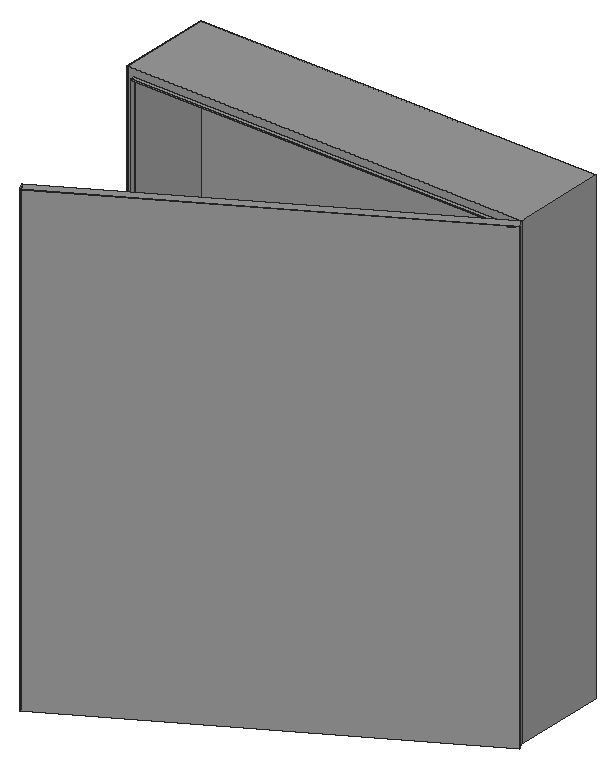
Revit family "Hager-Univers-IP44-D205-H950-Cl.II-Encl-NoHosted-PL-pl", category Electrical Equipment, Revit 2020
Family settings
  Panel Configuration = Two Columns, Circuits Across
  Round Connector Dimension = Use Diameter
  Part Type = Panelboard
  Work Plane-Based = Yes
  Always vertical = Yes
  Cut with Voids When Loaded = No
  Shared = No
  Room Calculation Point = No
Parameters (values of type "Montaż natynkowy IP44 S800 W950 G205  - FP63SN2")
  Width Control [instance] = if([EF000008 - Szerokość] > Min Width, [EF000008 - Szerokość], Min Width)  # 800 mm
  Type Comments = [HG000003 - Zakres]  # "Univers"
  Thickness Door [instance] = if([EF009171 - Drzwi/pokrywa z materiału o wysokiej wytrzymałości mechanicznej] > 3 mm, 3 mm, [EF009171 - Drzwi/pokrywa z materiału o wysokiej wytrzymałości mechanicznej])  # 1 mm
  Seal Frame Offset [instance] = 17 mm  # constant formula
  Plinth Visibility [instance] = [HG000027 - Wysokość cokołu] > 0 mm  # no
  Min Width [instance] = 100 mm  # constant formula
  Min Depth [instance] = (2 * [EF009170 - Obudowa z materiału o wysokiej wytrzymałości mechanicznej]) + 1 mm  # 3 mm
  Min Height [instance] = 100 mm  # constant formula
  Internal Frame Depth [instance] = (Door System Depth * 0.5)  # 9 mm
  Panel Name [instance] = ""  # (empty or 0)
  Model = ""
  HG000027 - Wysokość cokołu = 0 mm
  HG000026 - Stojąca = no
  HG000024 - Wysokość części dolnej = 600 mm
  HG000023 - Obudowa dwusekcyjna = no
  HG000016 - Widoczność drzwi w widoku 3D [instance] = yes
  HG000015 - Przestrzeń robocza - otwarcie drzwi [instance] = no
  HG000014 - Drzwi prawe [instance] = yes
  HG000013 - Drzwi lewe [instance] = not([HG000014 - Drzwi prawe])  # no
  HG000012 - Kąt otwarcia drzwi [instance] = 30.00°
  HG000010 - Drzwi asymetryczne = no
  HG000009 - Drzwi dwuskrzydłowe = no
  HG000006 - Montaż podtynkowy = no
  HG000004 - Referencja producenta = "FP63SN2"
  HG000003 - Zakres = "Univers"
  HG000002 - Z drzwiami lub pokrywą = yes
  Frame Offset Bottom [instance] = 10 mm  # constant formula
  Frame Offset [instance] = 15 mm  # constant formula
  EF015940 - Pokrywa z wyzwalaczem nadciśnieniowym = no
  EF011959 - Stopień ochrony (NEMA) = ""
  EF009554 - Liczba otworów pod flansze = 6
  EF009212 - Wykonanie pokrywy = "EV000116 - Zamknięty"
  EF009171 - Drzwi/pokrywa z materiału o wysokiej wytrzymałości mechanicznej = 1 mm
  EF009170 - Obudowa z materiału o wysokiej wytrzymałości mechanicznej = 1 mm
  EF008873 - Prąd znamionowy (In) = 250 A
  EF007800 - Do ochrony odgromowej = no
  EF006306 - Z zamkiem = no
  EF006244 - Transparentna pokrywa/drzwi = no
  EF005474 - Stopień ochrony (IP) = "EV006418 - IP44"
  EF004464 - Rodzaj drzwi = "EV002646 - Pojedynczy"
  EF004427 - Liczba modułów = 216
  EF004293 - Odporność udarowa = "EV006815 - IK09"
  EF003532 - Do zastosowań zewnętrznych = no
  EF002950 - Szerokość wyrażona liczbą modułów = 36
  EF001613 - Podtrzymanie funkcji = "EV000494 - Brak"
  EF001596 - Materiał obudowy = "EV000179 - Stal"
  EF001131 - Głębokość wewnętrzna = 130 mm
  EF001088 - Możliwość rozbudowy = yes
  EF000437 - Liczba wejść kablowych = 6
  EF000339 - Rodzaj pokrywy = "EV004216 - Drzwi"
  EF000266 - Liczba rzędów = 6
  EF000218 - Głębokość wbudowania = 205 mm
  EF000118 - Z płytą montażową = no
  EF000116 - Numer RAL = "9010"
  EF000049 - Głębokość = 205 mm
  EF000040 - Wysokość = 950 mm
  EF000008 - Szerokość = 800 mm
  EF000007 - Kolor = "EV000202 - Biały"
  EF000003 - Sposób montażu = "EV000384 - Montaż natynkowy"
  Door System Leaf Tolerance [instance] = 1.5 mm  # constant formula
  Door System Depth [instance] = 18 mm  # constant formula
  Door Height [instance] = Height Control - [HG000027 - Wysokość cokołu]  # 950 mm
  Description = ""
  Default Elevation = 1219.2 mm
  Connector Offset [instance] = Height Control / 2  # 475 mm
  Manufacturer = "Hager"  # constant formula
  Height Control [instance] = if([EF000040 - Wysokość] > Min Height, [EF000040 - Wysokość], Min Height)  # 950 mm
  Depth Control [instance] = if([EF000049 - Głębokość] > Min Depth, [EF000049 - Głębokość], Min Depth)  # 205 mm
  Bottom Top Plate Trim [instance] = 1.5 mm  # constant formula
  Plinth height Ctrl [instance] = if([HG000027 - Wysokość cokołu] > 0 mm, [HG000027 - Wysokość cokołu], 12 mm)  # 12 mm
Types (5, lengths in mm): name | Width Control | HG000010 - Drzwi asymetryczne | HG000009 - Drzwi dwuskrzydłowe | HG000004 - Referencja producenta | EF009554 - Liczba otworów pod flansze | EF004464 - Rodzaj drzwi | EF004427 - Liczba modułów | EF002950 - Szerokość wyrażona liczbą modułów | EF001131 - Głębokość wewnętrzna | EF000437 - Liczba wejść kablowych | EF000339 - Rodzaj pokrywy | EF000008 - Szerokość
  Montaż natynkowy IP44 S1050 W950 G205  - FP64SN2 | 1050 | no | yes | "FP64SN2" | 8 | "EV003602 - Podwójny" | 288 | 48 | 130 | 8 | "EV004216 - Drzwi" | 1050
  Montaż natynkowy IP44 S1300 W950 G205  - FP65SN2 | 1300 | yes | yes | "FP65SN2" | 10 | "EV003602 - Podwójny" | 360 | 60 | 130 | 10 | "EV004216 - Drzwi" | 1300
  Montaż natynkowy IP44 S300 W950 G205  - FP61SN2 | 300 | no | no | "FP61SN2" | 2 | "EV002646 - Pojedynczy" | 72 | 12 | 143 | 2 | "EV001012 - Pokrywa" | 300
  Montaż natynkowy IP44 S550 W950 G205  - FP62SN2 | 550 | no | no | "FP62SN2" | 4 | "EV002646 - Pojedynczy" | 144 | 24 | 143 | 4 | "EV001012 - Pokrywa" | 550
  Montaż natynkowy IP44 S800 W950 G205  - FP63SN2 | 800 | no | no | "FP63SN2" | 6 | "EV002646 - Pojedynczy" | 216 | 36 | 130 | 6 | "EV004216 - Drzwi" | 800
Reference planes
  plane 1 "Center (Front/Back)": y = 0
  plane 2: z = 0
  plane 3 "Center (Left/Right)": x = 0
  plane 4: y = 0
  plane 5: y = 0
  plane 6: z = 0
  plane 7: x = -400
  plane 8: x = 400
  plane 9: x = 399
  plane 10: x = -399
  plane 11: z = 0
  plane 12: z = 1
  plane 13: y = -205
  plane 14: y = -1
  plane 15: x = 0
  plane 16: y = -187
  plane 17: y = -204
  plane 18: y = -186
  plane 19: x = -384
  plane 20: x = 384
  plane 21: z = 11
  plane 22: x = -383
  plane 23: x = 383
  plane 24: z = 0
  plane 25: z = 950
  plane 26: z = 950
  plane 27: z = 934
  plane 28: z = 949
Forms (mm)
  Extrusion 1, solid, material "Hager_Steel_RAL7035_Light_Grey", detail levels medium+fine
    sketch origin (-208.679, -4572, 0) x (-1, 0, 0) y (0, -1, 0)
      loop
        line (191.321, -4385) -> (-608.679, -4385) -> (-608.679, -4572) -> (191.321, -4572) -> (191.321, -4385)
    from 0 to 950
  Extrusion 2, void
    sketch origin (-350.771, -205, 1219.2) x (1, 0, 0) y (0, 0, 1)
      loop
        line (-48.229, -270.2) -> (-48.229, -1218.2) -> (749.771, -1218.2) -> (749.771, -270.2) -> (-48.229, -270.2)
    from -19 to -204
  Extrusion 3, void
    sketch origin (-290.084, -187, 1219.2) x (1, 0, 0) y (0, 0, 1)
      loop
        line (-93.916, -1208.2) -> (674.084, -1208.2) -> (674.084, -285.2) -> (-93.916, -285.2) -> (-93.916, -1208.2)
    from 0 to -1
  Extrusion 4, solid, material "Hager_Steel_RAL7035_Light_Grey", visible <- "Plinth Visibility", detail levels medium+fine
    sketch origin (0, 0, 0) x (1, 0, 0) y (0, 1, 0)
      loop
        line (-400, 0) -> (-400, -187) -> (400, -187) -> (400, 0) -> (-400, 0)
    from 0 to 12 <- "Plinth height Ctrl"
  Extrusion 5, solid, material "Hager_Steel_RAL7035_Light_Grey", detail levels coarse
    sketch origin (0, 0, 0) x (1, 0, 0) y (0, 1, 0)
      loop
        line (-400, 0) -> (-400, -205) -> (400, -205) -> (400, 0) -> (-400, 0)
    from 0 to 950 <- "Height Control"
  Sweep 6, void
    path in 3D
      loop
        line (-400, -187, 12) -> (400, -187, 12) -> (400, 0, 12) -> (-400, 0, 12) -> (-400, -187, 12)
    profile origin (-400, -93.5, 12) x (1, 0, 0) y (0, 0, 1)
      loop
        line (0, 0) -> (0, -1.5) -> (1.5, -1.5)
        arc (1.5, -1.5) -> (1.061, -0.439) -> (0, 0) r 1.5
  Extrusion 7, solid, material "Hager_Steel_RAL7035_Light_Grey", detail levels fine
    sketch origin (-400, -187, 0) x (1, 0, 0) y (0, 0, 1)
      loop
        line (16, 11) -> (784, 11) -> (784, 934) -> (16, 934) -> (16, 11)
      loop
        line (15, 10) -> (785, 10) -> (785, 935) -> (15, 935) -> (15, 10)
    from 0 to 9 <- "Internal Frame Depth"
Cuts and joins
  Extrusion 2, Extrusion 3 cuts Extrusion 1
  Sweep 6 cuts Extrusion 4
Lines and regions (mm)
  Masking region 1
    outline origin (0, 0, 0) x (1, 0, 0) y (0, 1, 0)
      loop
        line (-400, 0) -> (-400, -205) -> (400, -205) -> (400, 0) -> (-400, 0)
  Masking region 2, detail levels coarse
    outline origin (-290.084, -187, 1219.2) x (-1, 0, 0) y (0, 0, 1)
      loop
        line (-690.084, -1219.2) -> (109.916, -1219.2) -> (109.916, -269.2) -> (-690.084, -269.2) -> (-690.084, -1219.2)
  Masking region 3, detail levels coarse
    outline origin (0, 0, 0) x (0, 1, 0) y (0, 0, 1)
      loop
        line (0, 0) -> (0, 950) -> (-205, 950) -> (-205, 0) -> (0, 0)
  Masking region 4, visible <- "Plinth Visibility", detail levels medium+fine
    outline origin (0, 0, 0) x (0, 1, 0) y (0, 0, 1)
      loop
        line (-1.5, 12) -> (-185.5, 12)
        arc (-185.5, 12) -> (-185.939, 10.939) -> (-187, 10.5) r 1.5
        line (-187, 10.5) -> (-187, 0) -> (0, 0) -> (0, 10.5)
        arc (0, 10.5) -> (-1.061, 10.939) -> (-1.5, 12) r 1.5
  Masking region 5, detail levels medium+fine
    outline origin (0, 0, 594.038) x (0, 1, 0) y (0, 0, 1)
      loop
        line (0, -594.038) -> (0, 355.962) -> (-187, 355.962) -> (-187, -594.038) -> (0, -594.038)
  Masking region 6, detail levels medium+fine
    outline origin (-359.7, -187, 1211.883) x (-1, 0, 0) y (0, 0, 1)
      loop
        line (-759.7, -1211.883) -> (40.3, -1211.883) -> (40.3, -261.883) -> (-759.7, -261.883) -> (-759.7, -1211.883)
  Masking region 7, visible <- "Plinth Visibility", detail levels medium+fine
    outline origin (-320.334, -187, 1041.368) x (-1, 0, 0) y (0, 0, 1)
      loop
        line (-720.334, -1041.368) -> (79.666, -1041.368) -> (79.666, -1030.868)
        arc (79.666, -1030.868) -> (78.606, -1030.429) -> (78.166, -1029.368) r 1.5
        line (78.166, -1029.368) -> (-718.834, -1029.368)
        arc (-718.834, -1029.368) -> (-719.273, -1030.429) -> (-720.334, -1030.868) r 1.5
        line (-720.334, -1030.868) -> (-720.334, -1041.368)
  sketch lines
    curve 1: line (-400, 0, 12) -> (-400, -187, 12)
    curve 2: line (-400, -187, 12) -> (400, -187, 12)
    curve 3: line (400, 0, 12) -> (-400, 0, 12)
    curve 4: line (400, -187, 12) -> (400, 0, 12)
Dimensions and locks
  locked: plane 1 "Center (Front/Back)" to plane 5
  "EF009170 - Obudowa z materiału o wysokiej wytrzymałości mechanicznej": plane 7 to plane 10
  "EF009170 - Obudowa z materiału o wysokiej wytrzymałości mechanicznej": plane 8 to plane 9
  equal spacing: plane 7, plane 3 "Center (Left/Right)", plane 8
  "Width Control": plane 7 to plane 8
  "Depth Control": plane 4 to plane 13
  "EF009170 - Obudowa z materiału o wysokiej wytrzymałości mechanicznej": plane 4 to plane 14
  "Height Control": plane 25 to level
  "HG000027 - Wysokość cokołu": plane 11 to level
  "EF009170 - Obudowa z materiału o wysokiej wytrzymałości mechanicznej": plane 12 to plane 11
  "EF009170 - Obudowa z materiału o wysokiej wytrzymałości mechanicznej": plane 17 to plane 13
  "EF009170 - Obudowa z materiału o wysokiej wytrzymałości mechanicznej": plane 18 to plane 16
  "Frame Offset Bottom": plane 21 to plane 12
  "Frame Offset": plane 10 to plane 19
  "Frame Offset": plane 9 to plane 20
  "Door System Depth": plane 16 to plane 13
  "Seal Frame Offset": plane 7 to plane 22
  "Seal Frame Offset": plane 8 to plane 23
  "EF009170 - Obudowa z materiału o wysokiej wytrzymałości mechanicznej": plane 26 to plane 28
  "Frame Offset": plane 28 to plane 27
  "Connector Offset": plane 2 to connector elem
  "Bottom Top Plate Trim": profile plane to Sweep 6 sketch curve
  "Bottom Top Plate Trim": Sweep 6 sketch curve to Sweep 6 sketch curve
  "Plinth height Ctrl": Masking region 4 sketch curve to level
  "Plinth height Ctrl": Masking region 7 sketch curve to level
  "Thickness Door": Extrusion 7 sketch curve to Extrusion 7 sketch curve  (x4)
  "Bottom Top Plate Trim": radius of Sweep 6 sketch curve
  "Bottom Top Plate Trim": radius of Masking region 4 sketch curve  (x2)
  "Bottom Top Plate Trim": radius of Masking region 7 sketch curve  (x2)
  aligned and locked: Extrusion 2 sketch curve to plane 12
  aligned and locked: Extrusion 2 sketch curve to plane 9
  aligned and locked: Extrusion 2 sketch curve to plane 10
  aligned and locked: Extrusion 2 to plane 14
  aligned and locked: Extrusion 1 sketch curve to plane 4
  aligned and locked: plane 8 to Extrusion 1 sketch curve
  aligned and locked: plane 7 to Extrusion 1 sketch curve
  aligned and locked: Extrusion 2 to plane 18
  aligned and locked: Extrusion 3 sketch curve to plane 19
  aligned and locked: plane 20 to Extrusion 3 sketch curve
  aligned and locked: Extrusion 3 to Extrusion 2
  aligned and locked: Extrusion 3 sketch curve to plane 21
  aligned and locked: plane 3 "Center (Left/Right)" to nested 1
  aligned and locked: Extrusion 1 sketch curve to plane 16
  aligned and locked: Extrusion 4 sketch curve to cut or joined group of Extrusion 1, Extrusion 2, Extrusion 3
  aligned and locked: Masking region 1 sketch curve to plane 7
  aligned and locked: Masking region 1 sketch curve to plane 5
  aligned and locked: Masking region 1 sketch curve to plane 8
  aligned and locked: Masking region 2 sketch curve to level
  aligned and locked: level to Masking region 3 sketch curve
  aligned and locked: plane 1 "Center (Front/Back)" to Masking region 3 sketch curve
  aligned and locked: plane 13 to Masking region 3 sketch curve
  aligned and locked: plane 5 to Masking region 4 sketch curve
  aligned and locked: Masking region 2 sketch curve to plane 8
  aligned and locked: Masking region 2 sketch curve to plane 7
  aligned and locked: plane 7 to nested 2
  aligned and locked: nested 2 to plane 5
  aligned and locked: plane 5 to Masking region 5 sketch curve
  aligned and locked: plane 26 to Masking region 5 sketch curve
  aligned and locked: Extrusion 5 sketch curve to plane 8
  aligned and locked: Extrusion 5 sketch curve to plane 7
  aligned and locked: Extrusion 5 sketch curve to plane 5
  aligned and locked: Extrusion 3 sketch curve to plane 27
  aligned and locked: Extrusion 2 sketch curve to plane 28
  aligned and locked: Masking region 2 to plane 25
  aligned and locked: Extrusion 4 to plane 16
  aligned and locked: profile plane to Sweep 6 sketch curve
  aligned and locked: Masking region 5 sketch curve to plane 24
  aligned and locked: level to Masking region 4 sketch curve
  aligned and locked: Masking region 1 to plane 13
  aligned and locked: nested 1 to plane 16
  aligned and locked: Masking region 3 to plane 25
  aligned and locked: plane 16 to Masking region 4 sketch curve
  aligned and locked: Masking region 5 sketch curve to plane 16
  aligned and locked: plane 24 to plane 11
  aligned and locked: plane 26 to plane 25
  aligned and locked: plane 26 to cut or joined group of Extrusion 1, Extrusion 2, Extrusion 3
  aligned and locked: nested 1 to plane 24
  aligned and locked: Extrusion 1 to Extrusion 3
  aligned and locked: Masking region 6 sketch curve to plane 8
  aligned and locked: Masking region 6 sketch curve to plane 24
  aligned and locked: Masking region 6 sketch curve to plane 7
  aligned and locked: Masking region 6 sketch curve to plane 26
  aligned and locked: Masking region 7 sketch curve to plane 7
  aligned and locked: level to Masking region 7 sketch curve
  aligned and locked: Masking region 7 sketch curve to plane 8
  aligned and locked: Extrusion 7 sketch curve to cut or joined group of Extrusion 1, Extrusion 2, Extrusion 3  (x4)
Automatic sketch dimensions
  plane 19 to Extrusion 3 sketch curve = 0 mm
  Extrusion 3 sketch curve to plane 20 = 0 mm
  Extrusion 3 sketch curve to plane 21 = 0 mm
  Extrusion 4 sketch curve to plane 7 = 0 mm
  Extrusion 4 sketch curve to plane 8 = 0 mm
  Extrusion 4 sketch curve to plane 16 = 0 mm
  Masking region 1 sketch curve to plane 13 = 0 mm
  Masking region 2 sketch curve to plane 25 = 0 mm
  Masking region 3 sketch curve to plane 25 = 0 mm
  Extrusion 5 sketch curve to plane 13 = 0 mm
  profile plane to Sweep 6 sketch curve = 0 mm
Nested families
  nested 1: "EC000058_Univers_Door" at (0, -187, 0), Double <- "HG000009 - Drzwi dwuskrzydłowe", Transparent <- "EF006244 - Transparentna pokrywa/drzwi", Angle <- "HG000012 - Kąt otwarcia drzwi", Door_Right <- "HG000014 - Drzwi prawe", Assymetrical <- "HG000010 - Drzwi asymetryczne", Door <- "HG000002 - Z drzwiami lub pokrywą", Width_Ctrl <- "Width Control", 3d_Door <- "HG000016 - Widoczność drzwi w widoku 3D", Clearance <- "HG000015 - Przestrzeń robocza - otwarcie drzwi", Door_Left <- "HG000013 - Drzwi lewe", Width <- "Width Control", Door_Depth <- "Door System Depth", Leaf_Tolerance <- "Door System Leaf Tolerance", Height <- "Door Height", Lock_Visibility <- "EF006306 - Z zamkiem", Thickness <- "Thickness Door", type "EC000058_Univers_Door", detail levels medium+fine
    with min_wh 3 mm, Width_Ctrl 800 mm, Width 800 mm, Transparent no, Thickness 1 mm, Seal_Material Hager_Rubber, Lock_Visibility no, Lock_Material Hager_Plastic_RAL9005_Jet_Black, Leaf_Width 800 mm, Leaf_Tolerance_External_Sides 0 mm, Leaf_Tolerance 1.5 mm, Leaf_Offset 0 mm, Leaf_Height 947 mm, Leaf_2_Width 800 mm, Leaf_2_Offset 400 mm, Leaf_1_Width 800 mm, Leaf_1_Offset 400 mm, Height_Ctrl 950 mm, Height 950 mm, Glass_Material Hager_Glass, Double_Clearance_Ctrl no, Double no, Door_Right_Ctrl yes, Door_Right yes, Door_Material Hager_Steel_RAL7035_Light_Grey, Door_Left_Ctrl no, Door_Left no, Door_Depth 18 mm, Door yes, Clearance_Material Hager_Clearance, Clearance_Depth 800 mm, Clearance_Ctrl no, Clearance no, Assymetrical no, Angle 30.00°, 3d_Door yes
  nested 2: "Hager_Enclosure_Symbol" at (-400, 0, 0), Height <- "Depth Control", Width <- "Width Control", type "Hager_Enclosure_Symbol"
    with Width_Ctrl 800 mm, Width 800 mm, Height_Ctrl 205 mm, Height 205 mm, A_Width_Int 13.453 mm, A_Width 161.438 mm, A_Height_Ctrl 179.375 mm, A_Height 179.375 mm
Connectors
  electrical at (0, 0, 475)
    settings: on plane 1 "Center (Front/Back)", index 1, voltage 0 V, apparent load 0 VA, apparent load phase1 0 VA, apparent load phase2 0 VA, apparent load phase3 0 VA, power factor 1, load classification "Other", number of poles 1, system type 30, power factor state 1, is connector primary yes, connector utility no, sub classification motor no, connector description ""
Definition of nested family "EC000058_Univers_Door"
  Parameters (values of type "EC000058_Univers_Door")
    min_wh [instance] = (2 * Thickness) + 1 mm  # 11 mm
    Width_Ctrl [instance] = 400 mm
    Width [instance] = 500 mm
    Transparent [instance] = yes
    Thickness [instance] = 5 mm
    Seal_Material [instance] = none
    Lock_Visibility [instance] = yes
    Lock_Material [instance] = none
    Leaf_Width [instance] = if((Width_Ctrl - 2 * Leaf_Tolerance_External_Sides) > 0 mm, (Width_Ctrl - 2 * Leaf_Tolerance_External_Sides), min_wh)  # 400 mm
    Leaf_Tolerance_External_Sides [instance] = 0 mm  # constant formula
    Leaf_Tolerance [instance] = 1.5 mm
    Leaf_Offset [instance] = 0 mm  # constant formula
    Leaf_Height [instance] = if((Height_Ctrl - 2 * Leaf_Tolerance) > 0 mm, (Height_Ctrl - 2 * Leaf_Tolerance), min_wh)  # 497 mm
    Leaf_2_Width [instance] = if(and(and(Double, Assymetrical), Door_Left), (Leaf_Width / 3) - (Leaf_Tolerance / 2), if(and(and(Double, Assymetrical), Door_Right), (Leaf_Width / 3) * 2 - (Leaf_Tolerance / 2), if(and(Double, not(Assymetrical)), (Leaf_Width / 2) - Leaf_Tolerance, Leaf_Width)))  # 400 mm
    Leaf_2_Offset [instance] = if(and(Double, Assymetrical), Leaf_2_Width / 2, if(and(Double, not(Assymetrical)), Leaf_Width / 4, Leaf_Width / 2))  # 200 mm
    Leaf_1_Width [instance] = if(and(and(Double, Assymetrical), Door_Right), (Leaf_Width / 3) - (Leaf_Tolerance / 2), if(and(and(Double, Assymetrical), Door_Left), (Width / 3) * 2 - (Leaf_Tolerance / 2), if(and(Double, not(Assymetrical)), (Leaf_Width / 2) - Leaf_Tolerance, Leaf_Width)))  # 400 mm
    Leaf_1_Offset [instance] = if(and(Double, Assymetrical), Leaf_1_Width / 2, if(and(Double, not(Assymetrical)), Leaf_Width / 4, Leaf_Width / 2))  # 200 mm
    Height_Ctrl [instance] = if(Height > min_wh, Height, min_wh)  # 500 mm
    Height [instance] = 500 mm
    Glass_Material [instance] = none
    Double_Clearance_Ctrl [instance] = and(Double, Clearance)  # no
    Double [instance] = no
    Door_Right_Ctrl [instance] = and(or(Door_Right, Double), Door)  # yes
    Door_Right [instance] = yes
    Door_Material [instance] = none
    Door_Left_Ctrl [instance] = and(or(Door_Left, Double), Door)  # no
    Door_Left [instance] = no
    Door_Depth [instance] = 30 mm
    Door [instance] = yes
    Default Elevation = 1219.2 mm
    Clearance_Material [instance] = none
    Clearance_Depth [instance] = if(Leaf_1_Width > Leaf_2_Width, Leaf_1_Width, Leaf_2_Width)  # 400 mm
    Clearance_Ctrl [instance] = and(not(Double), Clearance)  # yes
    Clearance [instance] = yes
    Assymetrical [instance] = yes
    Angle [instance] = 30.00°
    3d_Door [instance] = yes
  Reference planes
    plane 1 "Center (Front/Back)": y = 0
    plane 2 "Bottom": z = 0
    plane 3 "Center (Left/Right)": x = 0
    plane 4: z = 500
    plane 5: x = -200
    plane 6: x = 200
    plane 7: z = 500
    plane 8: x = -200
    plane 9: z = 0
    plane 10: x = 200
    plane 11: y = 0
    plane 12: z = 1.5
    plane 13: x = -600
    plane 14: y = -400
    plane 15: x = 600
    plane 16: x = 0
    plane 17: x = 0
    plane 18: x = -200
    plane 19: x = 200
    plane 20: z = 498.5
  Forms (mm)
    Extrusion 1, solid, material <- "Clearance_Material", visible <- "Double_Clearance_Ctrl"
      sketch origin (1200, 0, 0) x (1, 0, 0) y (0, 0, -1)
        loop
          line (-1800, -498.5) -> (-600, -498.5) -> (-600, 0) -> (-1800, 0) -> (-1800, -498.5)
      from 0 to -400
  Dimensions and locks
    equal spacing: plane 5, plane 3 "Center (Left/Right)", plane 6
    "Width_Ctrl": plane 5 to plane 6
    "Leaf_Offset": plane 5 to plane 8
    "Leaf_Offset": plane 6 to plane 10
    "Leaf_Offset": plane 9 to level
    "Leaf_Offset": plane 4 to plane 7
    "Height_Ctrl": plane 4 to level
    "Leaf_Tolerance": plane 12 to plane 9
    locked: plane 11 to plane 1 "Center (Front/Back)"
    "Leaf_1_Offset": plane 18 to plane 16
    "Leaf_2_Offset": plane 17 to plane 19
    "Leaf_1_Width": plane 13 to plane 8
    "Leaf_2_Width": plane 10 to plane 15
    "Clearance_Depth": plane 14 to plane 1 "Center (Front/Back)"
    "Leaf_Tolerance_External_Sides": plane 8 to plane 18
    "Leaf_Tolerance_External_Sides": plane 19 to plane 10
    "Leaf_Tolerance": plane 7 to plane 20
    aligned and locked: level to plane 2 "Bottom"
    aligned and locked: nested 1 to plane 16
    aligned and locked: nested 2 to plane 17
    aligned and locked: Extrusion 1 to plane 13
    aligned and locked: plane 15 to Extrusion 1
    aligned and locked: Extrusion 1 to plane 14
    aligned and locked: plane 12 to nested 1
    aligned and locked: nested 2 to plane 12
    aligned and locked: Extrusion 1 to plane 11
    aligned and locked: plane 20 to Extrusion 1
    aligned and locked: nested 2 to plane 11
    aligned and locked: nested 1 to plane 11
  Automatic sketch dimensions
    Extrusion 1 sketch curve to level = 0 mm
    plane 5 to Extrusion 1 sketch curve = 400 mm
    plane 6 to Extrusion 1 sketch curve = 400 mm
    Extrusion 1 sketch curve to plane 4 = 1.5 mm
  Nested families
    nested 1: "EC000058_Univers_Door_Leaf" at (0, 0, 1.5), Width <- "Leaf_1_Width", visible <- "Door_Left_Ctrl", Leaf_Height <- "Leaf_Height", Angle <- "Angle", 3d_Door <- "3d_Door", Transparent <- "Transparent", Clearance Material <- "Clearance_Material", Clearance <- "Clearance_Ctrl", Door_Material <- "Door_Material", Glass_Material <- "Glass_Material", Door_Depth <- "Door_Depth", Lock_Material <- "Lock_Material", Seal_Material <- "Seal_Material", Lock_Visibility <- "Lock_Visibility", Thickness <- "Thickness", type "EC000058_Univers_Door_Leaf"
      with Width 400 mm, Transparent_Glass_Offset 30 mm, Transparent_Ctrl yes, Transparent yes, Thickness 5 mm, Standard no, Seal_Material none, Seal_D2 8 mm, Seal_D1 1 mm, Offset_Internal_Frame 10 mm, Lock_Width 20 mm, Lock_Visibility_3d yes, Lock_Visibility yes, Lock_Thickness_3 3 mm, Lock_Thickness_2 1 mm, Lock_Thickness_1 3 mm, Lock_Radius_Offset_2 16 mm, Lock_Radius_Offset_1 15 mm, Lock_Radius_2 5 mm, Lock_Radius 6 mm, Lock_Offset 5 mm, Lock_Material none, Lock_Height 80 mm, Lock_Cover_Top_Offset_2d 17 mm, Lock_Cover_Height -65 mm, Leaf_Height 497 mm, Internal_Seal_Thickness 8 mm, Internal_Seal_Depth_2 4.5 mm, Internal_Frame_Depth 25 mm, Glass_Thickness -1 mm, Glass_Offset -2 mm, Glass_Material none, Door_Material none, Door_Depth 30 mm, Clearance Material none, Clearance yes, Angle_Ctrl 30.00°, Angle 30.00°, 3d_Door yes
    nested 2: "EC000058_Univers_Door_Leaf" at (0, 0, 1.5) x (-1, 0, 0) z (0, 0, 1), Width <- "Leaf_2_Width", visible <- "Door_Right_Ctrl", Leaf_Height <- "Leaf_Height", Angle <- "Angle", 3d_Door <- "3d_Door", Transparent <- "Transparent", Clearance Material <- "Clearance_Material", Clearance <- "Clearance_Ctrl", Door_Material <- "Door_Material", Glass_Material <- "Glass_Material", Door_Depth <- "Door_Depth", Lock_Material <- "Lock_Material", Seal_Material <- "Seal_Material", Lock_Visibility <- "Lock_Visibility", Thickness <- "Thickness", type "EC000058_Univers_Door_Leaf"
      with Width 400 mm, Transparent_Glass_Offset 30 mm, Transparent_Ctrl yes, Transparent yes, Thickness 5 mm, Standard no, Seal_Material none, Seal_D2 8 mm, Seal_D1 1 mm, Offset_Internal_Frame 10 mm, Lock_Width 20 mm, Lock_Visibility_3d yes, Lock_Visibility yes, Lock_Thickness_3 3 mm, Lock_Thickness_2 1 mm, Lock_Thickness_1 3 mm, Lock_Radius_Offset_2 16 mm, Lock_Radius_Offset_1 15 mm, Lock_Radius_2 5 mm, Lock_Radius 6 mm, Lock_Offset 5 mm, Lock_Material none, Lock_Height 80 mm, Lock_Cover_Top_Offset_2d 17 mm, Lock_Cover_Height -65 mm, Leaf_Height 497 mm, Internal_Seal_Thickness 8 mm, Internal_Seal_Depth_2 4.5 mm, Internal_Frame_Depth 25 mm, Glass_Thickness -1 mm, Glass_Offset -2 mm, Glass_Material none, Door_Material none, Door_Depth 30 mm, Clearance Material none, Clearance yes, Angle_Ctrl 30.00°, Angle 30.00°, 3d_Door yes
  Definition of nested family "EC000058_Univers_Door_Leaf"
    Parameters (values of type "EC000058_Univers_Door_Leaf")
      Width [instance] = 2000 mm
      Transparent_Glass_Offset [instance] = 30 mm
      Transparent_Ctrl [instance] = and(Transparent, [3d_Door])  # yes
      Transparent [instance] = yes
      Thickness [instance] = 5 mm
      Standard [instance] = and(not(Transparent), [3d_Door])  # no
      Seal_Material [instance] = none
      Seal_D2 [instance] = 8 mm  # constant formula
      Seal_D1 [instance] = 1 mm  # constant formula
      Offset_Internal_Frame [instance] = 10 mm  # constant formula
      Lock_Width [instance] = 20 mm  # constant formula
      Lock_Visibility_3d [instance] = and(Lock_Visibility, [3d_Door])  # yes
      Lock_Visibility [instance] = yes
      Lock_Thickness_3 [instance] = 3 mm  # constant formula
      Lock_Thickness_2 [instance] = 1 mm  # constant formula
      Lock_Thickness_1 [instance] = 3 mm  # constant formula
      Lock_Radius_Offset_2 [instance] = Lock_Radius_Offset_1 + 1 mm  # 16 mm
      Lock_Radius_Offset_1 [instance] = 15 mm  # constant formula
      Lock_Radius_2 [instance] = Lock_Radius - 1 mm  # 5 mm
      Lock_Radius [instance] = 6 mm  # constant formula
      Lock_Offset [instance] = 5 mm  # constant formula
      Lock_Material [instance] = none
      Lock_Height [instance] = 80 mm  # constant formula
      Lock_Cover_Top_Offset_2d [instance] = Lock_Radius_Offset_2 + 1 mm  # 17 mm
      Lock_Cover_Height [instance] = -(Lock_Height - Lock_Radius_Offset_1)  # -65 mm
      Leaf_Height [instance] = 2720.336 mm
      Internal_Seal_Thickness [instance] = 8 mm  # constant formula
      Internal_Seal_Depth_2 [instance] = 4.5 mm  # constant formula
      Internal_Frame_Depth [instance] = if(Door_Depth - Thickness > 5 mm, Door_Depth - Thickness, 5 mm)  # 25 mm
      Glass_Thickness [instance] = if(Thickness > 15 mm, Glass_Offset + 10 mm, -1 mm)  # -1 mm
      Glass_Offset [instance] = if(Thickness > 15 mm, -(Thickness + 10 mm) / 2, -2 mm)  # -2 mm
      Glass_Material [instance] = none
      Door_Material [instance] = none
      Door_Depth [instance] = 30 mm
      Default Elevation = 0 mm
      Clearance Material [instance] = none
      Clearance [instance] = yes
      Angle_Ctrl [instance] = if(Angle > 180.00°, 180.00°, Angle)  # 90.00°
      Angle [instance] = 90.00°
      3d_Door [instance] = yes
    Reference planes
      plane 1 "Center (Front/Back)": y = 0
      plane 2: z = 0
      plane 3 "Center (Left/Right)": x = 0
      plane 4: y = 2000
      plane 5: x = -1000
      plane 6: x = 1000
      plane 7: x = -3000
      plane 8: z = 2720.336
      plane 9: z = 30
      plane 10: z = 2690.336
      plane 11: x = 970
      plane 12: x = -970
      plane 13: y = -3
      plane 14: z = 107.833
      plane 15: y = -5
      plane 16: y = -223.314
      plane 17: x = -1000
      plane 18: z = 1360.168
      plane 19: y = 30
    Forms (mm)
      Extrusion 1, solid, material <- "Clearance Material", visible <- "Clearance"
        sketch origin (0, 0, 0) x (1, 0, 0) y (0, 0, 1)
          loop
            line (-3000, 2720.336) -> (-3000, 0) -> (1000, 0) -> (1000, 2720.336) -> (-3000, 2720.336)
        from 0 to -2000
      Extrusion 2, solid, material <- "Door_Material", visible <- "Standard", detail levels medium+fine
        sketch origin (-1000, 0, 0) x (0, 1, 0) y (-1, 0, 0)
          loop
            line (0, 30) -> (0, 25) -> (2000, 25) -> (2000, 30) -> (0, 30)
        from 0 to 2720.336 <- "Leaf_Height"
      Extrusion 3, solid, material <- "Door_Material", visible <- "Transparent_Ctrl", detail levels medium+fine
        sketch origin (-1000, 0, 0) x (0, 1, 0) y (-1, 0, 0)
          loop
            line (0, 25) -> (2000, 25) -> (2000, 30) -> (0, 30) -> (0, 25)
        from 0 to 2720.336 <- "Leaf_Height"
      Extrusion 4, void
        sketch origin (-1025, 2000, 0) x (0, 1, 0) y (0, 0, -1)
          loop
            line (-30, -2690.336) -> (-30, -30) -> (-1970, -30) -> (-1970, -2690.336) -> (-30, -2690.336)
        from 0 to 5 <- "Thickness"
      Sweep 5, solid, material <- "Seal_Material", visible <- "Transparent_Ctrl", detail levels fine
        path in 3D
          loop
            line (-1025, 30, 30) -> (-1025, 30, 2690.336) -> (-1025, 1970, 2690.336) -> (-1025, 1970, 30) -> (-1025, 30, 30)
        profile origin (-1025, 1000, 30) x (1, 0, 0) y (0, 0, 1)
          loop
            line (0, 0) -> (0, -8) -> (1, -8) -> (1, 0) -> (0, 0)
      Extrusion 6, solid, material <- "Glass_Material", visible <- "Transparent_Ctrl", detail levels medium+fine
        sketch origin (-1030, 0, 0) x (0, 1, 0) y (0, 0, -1)
          loop
            line (1970, -2690.336) -> (1970, -30) -> (30, -30) -> (30, -2690.336) -> (1970, -2690.336)
        from -2 <- "Glass_Offset" to -1 <- "Glass_Thickness"
      Extrusion 7, solid, material <- "Door_Material", visible <- "3d_Door", detail levels medium+fine
        sketch origin (-1025, 2000, 0) x (0, -1, 0) y (0, 0, -1)
          loop
            line (0, -2720.336) -> (2000, -2720.336) -> (2000, 0) -> (0, 0) -> (0, -2720.336)
          loop
            line (1995, -5) -> (5, -5) -> (5, -2715.336) -> (1995, -2715.336) -> (1995, -5)
        from 0 to 25 <- "Internal_Frame_Depth"
      Sweep 8, solid, material <- "Seal_Material", visible <- "Transparent_Ctrl", detail levels fine
        path in 3D
          loop
            line (-1025, 0, 0) -> (-1025, 2000, 0) -> (-1025, 2000, 2720.336) -> (-1025, 0, 2720.336) -> (-1025, 0, 0)
        profile origin (-1025, 0, 1360.168) x (1, 0, 0) y (0, 1, 0)
          loop
            line (0, 10) -> (2.975, 10)
            arc (2.975, 10) -> (4.053, 10.447) -> (4.5, 11.525) r 1.525
            line (4.5, 11.525) -> (4.5, 16.527)
            arc (4.5, 16.527) -> (4.069, 17.569) -> (3.027, 18) r 1.473
            line (3.027, 18) -> (0, 18) -> (0, 10)
      Extrusion 9, solid, material <- "Lock_Material", visible <- "Lock_Visibility_3d", detail levels fine
        sketch origin (-1030, 0, 0) x (0, 1, 0) y (0, 0, -1)
          loop
            arc (1993.5, -1400.168) -> (1994.561, -1399.729) -> (1995, -1398.668) r 1.5
            line (1995, -1398.668) -> (1995, -1320.168) -> (1975, -1320.168) -> (1975, -1398.668)
            arc (1975, -1398.668) -> (1975.439, -1399.729) -> (1976.5, -1400.168) r 1.5
            line (1976.5, -1400.168) -> (1993.5, -1400.168)
        from 3 <- "Lock_Thickness_1" to 0
      Blend 10, solid, material <- "Lock_Material", visible <- "Lock_Visibility_3d", detail levels fine
        base sketch origin (-1033, 0, 0) x (0, 1, 0) y (0, 0, -1)
          loop
            line (1975, -1320.168) -> (1975, -1398.668)
            arc (1975, -1398.668) -> (1975.439, -1399.729) -> (1976.5, -1400.168) r 1.5
            line (1976.5, -1400.168) -> (1993.5, -1400.168)
            arc (1993.5, -1400.168) -> (1994.561, -1399.729) -> (1995, -1398.668) r 1.5
            line (1995, -1398.668) -> (1995, -1320.168) -> (1975, -1320.168)
        top sketch origin (-1033, 0, 0) x (0, 1, 0) y (0, 0, -1)
          loop
            line (1976, -1320.168) -> (1976, -1398.668)
            arc (1976, -1398.668) -> (1976.146, -1399.022) -> (1976.5, -1399.168) r 0.5
            line (1976.5, -1399.168) -> (1993.5, -1399.168)
            arc (1993.5, -1399.168) -> (1993.854, -1399.022) -> (1994, -1398.668) r 0.5
            line (1994, -1398.668) -> (1994, -1320.168) -> (1976, -1320.168)
        from 0 to 1 <- "Lock_Thickness_2"
      Blend 11, solid, material <- "Lock_Material", visible <- "Lock_Visibility_3d", detail levels fine
        base sketch origin (-1034, 0, 0) x (0, 1, 0) y (0, 0, -1)
          loop
            line (1978, -1320.168) -> (1978, -1384.168)
            arc (1978, -1384.168) -> (1985, -1391.168) -> (1992, -1384.168) r 7
            line (1992, -1384.168) -> (1992, -1320.168) -> (1978, -1320.168)
        top sketch origin (-1034, 0, 0) x (0, 1, 0) y (0, 0, -1)
          loop
            line (1991, -1320.168) -> (1979, -1320.168) -> (1979, -1383.168)
            arc (1979, -1383.168) -> (1985, -1389.168) -> (1991, -1383.168) r 6
            line (1991, -1383.168) -> (1991, -1320.168)
        from 0 to 3 <- "Lock_Thickness_3"
      Extrusion 12, solid, material <- "Lock_Material", visible <- "Lock_Visibility_3d", detail levels fine
        sketch origin (-1030, 1975, 1320.168) x (1, 0, 0) y (0, -1, 0)
          loop
            line (-7, -19) -> (-7, -1) -> (0, -1) -> (0, 0) -> (-8, 0) -> (-8, -20) -> (0, -20) -> (0, -19) -> (-7, -19)
        from 0 to -65 <- "Lock_Cover_Height"
      Extrusion 13, void
        sketch origin (-1038, 1995, 1320.168) x (-1, 0, 0) y (0, 0, -1)
          loop
            line (-5, -65) -> (0, -65) -> (-5, -60) -> (-5, -65)
        from 0 to 20 <- "Lock_Width"
      Extrusion 14, void
        sketch origin (-1038, 1975, 1320.168) x (0, -1, 0) y (0, 0, -1)
          loop
            circle (-10, -15.995) r 6
          loop
            circle (-10, -15.995) r 5
        from 0 to 2
      Extrusion 15, solid, material <- "Lock_Material", visible <- "Lock_Visibility_3d", detail levels medium
        sketch origin (-1030, 0, 0) x (0, 1, 0) y (0, 0, -1)
          loop
            arc (1993.5, -1400.168) -> (1994.561, -1399.729) -> (1995, -1398.668) r 1.5
            line (1995, -1398.668) -> (1995, -1320.168) -> (1975, -1320.168) -> (1975, -1398.668)
            arc (1975, -1398.668) -> (1975.439, -1399.729) -> (1976.5, -1400.168) r 1.5
            line (1976.5, -1400.168) -> (1993.5, -1400.168)
        from 8 to 0
    Cuts and joins
      Extrusion 4 cuts Extrusion 3
      Extrusion 13, Extrusion 14 cuts Extrusion 9
      Extrusion 14 cuts Blend 11
      Extrusion 13, Extrusion 14 cuts Extrusion 12
      joined: Extrusion 9, Blend 10, Blend 11, Extrusion 12
      Extrusion 14 cuts Extrusion 15
    Lines and regions (mm)
      Masking region 1, visible <- "Lock_Visibility", detail levels fine
        outline origin (0, 0, 0) x (0, 1, 0) y (0, 0, 1)
          loop
            line (30, 1320.168) -> (33, 1320.168) -> (33, 1400.168) -> (30, 1400.168) -> (30, 1320.168)
      Masking region 2, visible <- "Lock_Visibility", detail levels fine
        outline origin (0, 3.143, 0) x (0, 1, 0) y (0, 0, 1)
          loop
            line (29.857, 1354.168) -> (30.857, 1354.168) -> (30.857, 1366.168) -> (29.857, 1366.168) -> (29.857, 1354.168)
      Masking region 3, detail levels medium+fine
        outline origin (0, 0, 0) x (0, 1, 0) y (0, 0, 1)
          loop
            line (0, 0) -> (30, 0) -> (30, 2720.336) -> (0, 2720.336) -> (0, 0)
      Masking region 4, detail levels medium+fine
        outline origin (0, 0, 0) x (1, 0, 0) y (0, 0, 1)
          loop
            line (-1000, 2720.336) -> (-1000, 0) -> (1000, 0) -> (1000, 2720.336) -> (-1000, 2720.336)
      Masking region 5, visible <- "Lock_Visibility", detail levels fine
        outline origin (-47.116, 0, 0) x (1, 0, 0) y (0, 0, 1)
          loop
            arc (1024.616, 1399.168) -> (1023.556, 1398.729) -> (1023.116, 1397.668) r 1.5
            line (1023.116, 1397.668) -> (1023.116, 1320.168) -> (1041.116, 1320.168) -> (1041.116, 1397.668)
            arc (1041.116, 1397.668) -> (1040.677, 1398.729) -> (1039.616, 1399.168) r 1.5
            line (1039.616, 1399.168) -> (1024.616, 1399.168)
      Masking region 6, visible <- "Lock_Visibility", detail levels medium+fine
        outline origin (-25, 0, 0) x (1, 0, 0) y (0, 0, 1)
          loop
            arc (1001.5, 1400.168) -> (1000.439, 1399.729) -> (1000, 1398.668) r 1.5
            line (1000, 1398.668) -> (1000, 1320.168) -> (1020, 1320.168) -> (1020, 1398.668)
            arc (1020, 1398.668) -> (1019.561, 1399.729) -> (1018.5, 1400.168) r 1.5
            line (1018.5, 1400.168) -> (1001.5, 1400.168)
      Masking region 7, visible <- "Lock_Visibility", detail levels fine
        outline origin (-73.735, 0, 0) x (1, 0, 0) y (0, 0, 1)
          loop
            line (1051.735, 1382.168) -> (1065.735, 1382.168) -> (1065.735, 1384.168)
            arc (1065.735, 1384.168) -> (1058.735, 1391.168) -> (1051.735, 1384.168) r 7
            line (1051.735, 1384.168) -> (1051.735, 1382.168)
      Masking region 8, visible <- "Lock_Visibility", detail levels fine
        outline origin (-73.735, 0, 0) x (1, 0, 0) y (0, 0, 1)
          loop
            line (1052.735, 1382.168) -> (1064.735, 1382.168) -> (1064.735, 1383.168)
            arc (1064.735, 1383.168) -> (1058.735, 1389.168) -> (1052.735, 1383.168) r 6
            line (1052.735, 1383.168) -> (1052.735, 1382.168)
      Masking region 9, visible <- "Lock_Visibility", detail levels fine
        outline origin (-25, 0, 0) x (1, 0, 0) y (0, 0, 1)
          loop
            line (1020, 1320.168) -> (1020, 1382.168) -> (1000, 1382.168) -> (1000, 1320.168) -> (1020, 1320.168)
      Masking region 10, detail levels medium+fine
        outline origin (0, 0, 0) x (1, 0, 0) y (0, 0, 1)
          loop
            circle (985, 1335.144) r 6
      Masking region 11, detail levels fine
        outline origin (0, 0, 0) x (1, 0, 0) y (0, 0, 1)
          loop
            circle (985, 1335.144) r 5
      Masking region 12, visible <- "Lock_Visibility", detail levels fine
        outline origin (0, 12.767, 0) x (0, 1, 0) y (0, 0, 1)
          loop
            line (20.233, 1320.168) -> (21.233, 1320.168) -> (21.233, 1399.168) -> (20.233, 1400.168) -> (20.233, 1320.168)
      Masking region 13, visible <- "Lock_Visibility", detail levels fine
        outline origin (0, 13.767, -10) x (0, 1, 0) y (0, 0, 1)
          loop
            line (20.233, 1330.168) -> (23.233, 1330.168) -> (23.233, 1399.168) -> (20.233, 1402.168) -> (20.233, 1330.168)
      Masking region 14, visible <- "Lock_Visibility", detail levels fine
        outline origin (0, 12.767, -10) x (0, 1, 0) y (0, 0, 1)
          loop
            line (20.233, 1330.168) -> (25.233, 1330.168) -> (25.233, 1399.305) -> (20.233, 1394.305) -> (20.233, 1330.168)
      Masking region 15, visible <- "Lock_Visibility", detail levels medium
        outline origin (0, 0, 0) x (0, 1, 0) y (0, 0, 1)
          loop
            line (30, 1320.168) -> (38, 1320.168) -> (38, 1400.168) -> (30, 1400.168) -> (30, 1320.168)
      Masking region 16, visible <- "Lock_Visibility", detail levels fine
        outline origin (-1000, 0, 0) x (0, 1, 0) y (-1, 0, 0)
          loop
            line (1975, 30) -> (1995, 30) -> (1995, 38) -> (1975, 38) -> (1975, 30)
          loop
            line (1979, 37) -> (1976, 37) -> (1976, 34) -> (1978, 34) -> (1979, 37)
          loop
            line (1994, 37) -> (1991, 37) -> (1992, 34) -> (1994, 34) -> (1994, 37)
      Masking region 17, visible <- "Lock_Visibility", detail levels medium
        outline origin (-1000, 0, 0) x (0, 1, 0) y (-1, 0, 0)
          loop
            line (1975, 30) -> (1995, 30) -> (1995, 38) -> (1975, 38) -> (1975, 30)
      symbolic lines
        curve 1: line (1000, 0, 0) -> (-3000, 0, 0)
        curve 2: arc (1000, 0, 0) -> (-1000, 2000, 0) -> (-3000, 0, 0) r 2000
        curve 4: line (-1030, 0, 0) -> (-1030, 2000, 0)
      reference lines
        curve 3: line (-1000, 0, 0) -> (-1000, 2000, 0)
      symbolic lines, detail levels medium+fine
        curve 5: line (-1030, 2000, 0) -> (-1025, 2000, 0)
        curve 7: line (-1025, 0, 0) -> (-1030, 0, 0)
        curve 8: line (-1025, 0, 0) -> (-1000, 0, 0)
        curve 9: line (-1000, 0, 0) -> (-1000, 2000, 0)
        curve 10: line (-1000, 2000, 0) -> (-1025, 2000, 0)
      symbolic lines, detail levels fine
        curve 6: line (-1025, 2000, 0) -> (-1025, 0, 0)
      sketch lines
        curve 11: line (-1025, 0, 2720.336) -> (-1025, 0, 0)
        curve 12: line (-1025, 2000, 0) -> (-1025, 0, 0)
        curve 13: line (-1025, 2000, 2720.336) -> (-1025, 2000, 0)
        curve 14: line (-1025, 0, 2720.336) -> (-1025, 2000, 2720.336)
        curve 15: line (-1025, 1970, 30) -> (-1025, 30, 30)
        curve 16: line (-1025, 30, 30) -> (-1025, 30, 2690.336)
        curve 17: line (-1025, 1970, 2690.336) -> (-1025, 1970, 30)
        curve 18: line (-1025, 30, 2690.336) -> (-1025, 1970, 2690.336)
      symbolic lines, visible <- "Transparent", detail levels medium+fine
        curve 19: line (-970, 0, 2690.336) -> (970, 0, 2690.336)
        curve 20: line (-970, 0, 30) -> (-970, 0, 2690.336)
        curve 21: line (970, 0, 30) -> (-970, 0, 30)
        curve 22: line (970, 0, 2690.336) -> (970, 0, 30)
    Dimensions and locks
      "Width": plane 1 "Center (Front/Back)" to plane 4
      equal spacing: plane 5, plane 3 "Center (Left/Right)", plane 6
      "Width": plane 5 to plane 6
      "Width": plane 7 to plane 5
      "Leaf_Height": plane 8 to level
      "Width": curve 5 to curve 3
      "Width": curve 3 to curve 3
      plane 8 to plane 10 = 30 mm
      plane 9 to level = 30 mm
      plane 12 to plane 5 = 30 mm
      plane 6 to plane 11 = 30 mm
      Extrusion 1 to Extrusion 4 sketch curve = 30 mm
      "Transparent_Glass_Offset": curve 3 to Extrusion 4 sketch curve
      "Transparent_Glass_Offset": Extrusion 4 sketch curve to cut or joined group of Extrusion 3, Extrusion 4  (x2)
      cut or joined group of Extrusion 3, Extrusion 4 to Extrusion 6 sketch curve = 30 mm
      "Transparent_Glass_Offset": cut or joined group of Extrusion 3, Extrusion 4 to Extrusion 4 sketch curve
      "Thickness": curve 6 to curve 4
      "Thickness": Extrusion 7 sketch curve to Extrusion 7 sketch curve  (x4)
      "Door_Depth": curve 4 to curve 3
      "Offset_Internal_Frame": profile plane to Sweep 8 sketch curve
      "Internal_Seal_Thickness": Sweep 8 sketch curve to Sweep 8 sketch curve
      "Internal_Seal_Depth_2": profile plane to Sweep 8 sketch curve
      "Seal_D1": profile plane to Sweep 5 sketch curve
      "Seal_D2": profile plane to Sweep 5 sketch curve
      "Thickness": Extrusion 2 sketch curve to Extrusion 2 sketch curve
      equal spacing: Extrusion 9 sketch curve, plane 18, Extrusion 9 sketch curve  (x2)
      equal spacing: Masking region 1 sketch curve, plane 18, Masking region 1 sketch curve
      "Lock_Height": Masking region 1 sketch curve to Masking region 1 sketch curve
      "Lock_Radius": Masking region 2 sketch curve to plane 18 to Masking region 2 sketch curve
      Masking region 2 sketch curve to Masking region 1 = 1 mm
      "Door_Depth": plane 19 to plane 1 "Center (Front/Back)"
      "Lock_Thickness_1": Masking region 1 sketch curve to plane 19
      "Lock_Width": Extrusion 9 sketch curve to Extrusion 9 sketch curve
      "Lock_Height": Extrusion 9 sketch curve to Extrusion 9 sketch curve
      "Lock_Offset": cut or joined group of Extrusion 3, Extrusion 4 to Extrusion 9 sketch curve
      equal spacing: plane 8, plane 18, level
      "Lock_Radius_Offset_1": Blend 11 sketch curve to Blend 10
      locked: Blend 10 to Blend 11 sketch curve at 2  (x2)
      locked: var sketch to Blend 11 sketch curve at 1  (x2)
      "Lock_Radius_Offset_2": Blend 11 sketch curve to Blend 10
      locked: Extrusion 12 sketch curve to Extrusion 12 sketch curve at 1  (x3)
      Masking region 6 sketch curve to Masking region 6 sketch curve = 80 mm
      "Lock_Height": Masking region 6 sketch curve to Masking region 6 sketch curve
      "Lock_Width": Masking region 6 sketch curve to Masking region 6 sketch curve
      locked: Masking region 6 to Masking region 5 sketch curve at 1  (x3)
      locked: Masking region 5 to Masking region 7 sketch curve at 2  (x2)
      "Lock_Radius_Offset_1": Masking region 5 to Masking region 7 sketch curve
      "Lock_Radius_Offset_2": Masking region 5 to Masking region 8 sketch curve
      locked: Masking region 7 to Masking region 8 sketch curve at 1  (x2)
      "Lock_Cover_Top_Offset_2d": Masking region 5 to Masking region 9 sketch curve
      equal spacing: Masking region 9, Masking region 10 sketch curve, Masking region 9
      equal spacing: Masking region 9, Masking region 11 sketch curve, Masking region 9
      Extrusion 15 sketch curve to Extrusion 15 sketch curve = 80 mm
      "Lock_Width": Extrusion 15 sketch curve to Extrusion 15 sketch curve
      "Lock_Height": Extrusion 15 sketch curve to Extrusion 15 sketch curve
      equal spacing: Extrusion 15 sketch curve, plane 18, Extrusion 15 sketch curve
      "Lock_Thickness_3": Masking region 13 sketch curve to Masking region 13 sketch curve
      "Lock_Height": Masking region 12 sketch curve to Masking region 12 sketch curve
      locked: Masking region 13 sketch curve to Masking region 1 at 8
      locked: Masking region 14 sketch curve to Masking region 13 at 1
      locked: Masking region 14 sketch curve to Masking region 1 at 10.863
      "Lock_Height": Masking region 15 sketch curve to Masking region 15 sketch curve
      "Lock_Offset": Extrusion 15 sketch curve to cut or joined group of Extrusion 3, Extrusion 4
      "Lock_Offset": plane 6 to Masking region 6 sketch curve
      radius of Sweep 8 sketch curve = 1.525 mm
      radius of Sweep 8 sketch curve = 1.473 mm
      radius of Extrusion 9 sketch curve = 1.5 mm  (x2)
      "Lock_Radius": radius of Extrusion 14 sketch curve
      "Lock_Radius_2": radius of Extrusion 14 sketch curve
      "Lock_Radius": radius of Masking region 10 sketch curve
      "Lock_Radius_2": radius of Masking region 11 sketch curve
      radius of Extrusion 15 sketch curve = 1.5 mm  (x2)
      "Angle_Ctrl": angle plane 1 "Center (Front/Back)" to curve 3
      locked: Masking region 12 sketch curve to Masking region 12 sketch curve (angle 45.00°)
      locked: Masking region 13 sketch curve to Masking region 13 sketch curve (angle 45.00°)
      locked: Masking region 14 sketch curve to Masking region 14 sketch curve (angle 45.00°)
      aligned and locked: level to plane 2
      aligned and locked: Extrusion 1 to curve 1
      aligned and locked: plane 6 to Extrusion 1
      aligned and locked: Extrusion 1 to plane 1 "Center (Front/Back)"
      aligned and locked: plane 4 to Extrusion 1
      aligned and locked: plane 8 to Extrusion 1
      aligned and locked: curve 7 to Extrusion 2 sketch curve
      aligned and locked: curve 5 to Extrusion 2 sketch curve
      aligned and locked: curve 7 to Extrusion 3 sketch curve
      aligned and locked: Extrusion 3 sketch curve to curve 4
      aligned and locked: Extrusion 3 sketch curve to curve 6
      aligned and locked: Extrusion 3 sketch curve to curve 5
      aligned and locked: curve 9 to curve 3
      aligned and locked: Extrusion 7 sketch curve to cut or joined group of Extrusion 3, Extrusion 4  (x4)
      aligned and locked: plane 17 to curve 3
      aligned and locked: plane 1 "Center (Front/Back)" to curve 3
      aligned and locked: plane 17 to plane 5
      aligned and locked: Sweep 8 sketch curve to profile plane
      aligned and locked: Sweep 5 sketch curve to profile plane  (x2)
      aligned and locked: Masking region 1 to Masking region 2 sketch curve
      aligned and locked: plane 19 to Masking region 1 sketch curve
      aligned and locked: plane 1 "Center (Front/Back)" to Masking region 3 sketch curve
      aligned and locked: plane 19 to Masking region 3 sketch curve
      aligned and locked: level to Masking region 3 sketch curve
      aligned and locked: Masking region 3 sketch curve to plane 8
      aligned and locked: plane 17 to Masking region 4 sketch curve
      aligned and locked: level to Masking region 4 sketch curve
      aligned and locked: Masking region 4 sketch curve to plane 8
      aligned and locked: plane 12 to curve 20
      aligned and locked: plane 10 to curve 19
      aligned and locked: plane 11 to curve 22
      aligned and locked: curve 21 to plane 9
      aligned and locked: Extrusion 2 sketch curve to cut or joined group of Extrusion 3, Extrusion 4
      aligned and locked: Blend 10 sketch curve to Extrusion 9  (x4)
      aligned and locked: Extrusion 9 to Blend 10 sketch curve
      aligned and locked: Blend 10 to Blend 11 sketch curve
      aligned and locked: Extrusion 12 sketch curve to Blend 11
      aligned and locked: Extrusion 12 sketch curve to Extrusion 9  (x4)
      aligned and locked: Masking region 5 sketch curve to Masking region 6
      aligned and locked: Masking region 9 sketch curve to Masking region 6  (x3)
      aligned and locked: Masking region 12 sketch curve to Masking region 1
      aligned and locked: Masking region 13 sketch curve to Masking region 1
      aligned and locked: Masking region 12 to Masking region 14
      aligned and locked: Masking region 14 sketch curve to Masking region 1
      aligned and locked: Masking region 15 sketch curve to Masking region 14
      aligned and locked: Masking region 13 sketch curve to Masking region 12
      aligned and locked: Masking region 16 sketch curve to cut or joined group of Extrusion 14, Extrusion 15  (x4)
      aligned and locked: Masking region 16 sketch curve to cut or joined group of Extrusion 9, Blend 10, Blend 11, Extrusion 12, Extrusion 13, Extrusion 14  (x6)
      aligned and locked: cut or joined group of Extrusion 9, Blend 10, Blend 11, Extrusion 12, Extrusion 13, Extrusion 14 to Masking region 16 sketch curve
      aligned and locked: Masking region 17 sketch curve to cut or joined group of Extrusion 14, Extrusion 15  (x3)
      aligned and locked: Masking region 17 sketch curve to cut or joined group of Extrusion 9, Blend 10, Blend 11, Extrusion 12, Extrusion 13, Extrusion 14
      aligned and locked: Masking region 9 to Masking region 8 sketch curve
      aligned and locked: Masking region 9 to Masking region 7 sketch curve
    Automatic sketch dimensions
      plane 1 "Center (Front/Back)" to curve 2 = 0 mm
      curve 2 to plane 5 = 0 mm
      Extrusion 1 sketch curve to level = 0 mm
      Extrusion 1 sketch curve to plane 7 = 0 mm
      Extrusion 1 sketch curve to plane 6 = 0 mm
      Extrusion 1 sketch curve to plane 8 = 0 mm
      Extrusion 3 to Extrusion 6 sketch curve = 30 mm  (x4)
      Masking region 4 sketch curve to plane 6 = 0 mm
      Blend 10 sketch curve to Extrusion 9 = 1.5 mm
      Blend 10 sketch curve to Extrusion 9 = 1 mm
      Extrusion 13 sketch curve to Extrusion 12 = 0 mm  (x2)
      Extrusion 12 to Extrusion 13 sketch curve = 3 mm
      Extrusion 13 sketch curve to Extrusion 12 = 5 mm
      Extrusion 14 sketch curve to Extrusion 14 sketch curve = 0 mm  (x2)
      Extrusion 14 sketch curve to Extrusion 12 = 10 mm
      Extrusion 14 sketch curve to Extrusion 12 = 15.995 mm
      Masking region 5 sketch curve to Masking region 5 sketch curve = 1.5 mm  (x2)
      Masking region 10 sketch curve to plane 18 = 25.024 mm
      Masking region 11 sketch curve to plane 18 = 25.024 mm
      plane 19 to Masking region 14 sketch curve = 3 mm
      Masking region 16 sketch curve to Masking region 16 sketch curve = 3 mm
      curve 4 to curve 3 = 0 mm
      Blend 10 to Blend 11 sketch curve = 0 mm
      Masking region 6 sketch curve to Masking region 6 sketch curve = 1.5 mm  (x2)
      Masking region 6 sketch curve to plane 18 = 40 mm
      plane 19 to Masking region 12 sketch curve = 3 mm
      Masking region 12 sketch curve to Masking region 12 sketch curve = 1 mm
      Masking region 15 sketch curve to plane 19 = 0 mm
      Masking region 15 sketch curve to plane 18 = 40 mm
      radius of Blend 10 sketch curve to Extrusion 9 = 1 mm
Definition of nested family "Hager_Enclosure_Symbol"
  Parameters (values of type "Hager_Enclosure_Symbol")
    Width_Ctrl [instance] = if(Width > 1 mm, Width, 1 mm)  # 102.27 mm
    Width [instance] = 102.27 mm
    Height_Ctrl [instance] = if(Height > 1 mm, Height, 1 mm)  # 66.5 mm
    A_Width_Int [instance] = if(A_Width / 12 > 2 mm, A_Width / 12, 2 mm)  # 4.364 mm
    A_Width [instance] = if(A_Height_Ctrl * 0.9 > 2 mm, A_Height_Ctrl * 0.9, 2 mm)  # 52.369 mm
    A_Height_Ctrl [instance] = if(A_Height > 2 mm, A_Height, 2 mm)  # 58.188 mm
    Height [instance] = 66.5 mm
    A_Height [instance] = Height - (Height / 8)  # 58.188 mm
  Reference planes
    plane 1 "Centre (avant/arrière)": y = 0
    plane 2: z = 0
    plane 3 "Centre (gauche/droite)": x = 0
    plane 4: x = 52.369
    plane 5: y = 33.042
    plane 6: y = 41.77
    plane 7: y = 66.5
    plane 8: x = 26.184
    plane 9: y = 37.406
    plane 10: x = 102.27
    plane 11: y = 66.5
    plane 12: y = 8.313
  Lines and regions (mm)
    Filled region 1, type "Solid_Black", in view "Niveau de réf."
      outline origin (0, 0, 0) x (1, 0, 0) y (0, 1, 0)
        loop
          line (52.369, 66.5) -> (33.188, 54.536) -> (45.365, 45.006) -> (52.369, 66.5)
    Filled region 2, type "Solid_Black", in view "Niveau de réf."
      outline origin (0, 0, 0) x (1, 0, 0) y (0, 1, 0)
        loop
          line (0, 0) -> (102.27, 0) -> (102.27, 66.5) -> (0, 0)
    detail lines, in view "Niveau de réf."
      curve 1: line (0, 8.313, 0) -> (26.184, 41.77, 0)
      curve 2: line (26.184, 41.77, 0) -> (26.184, 33.042, 0)
      curve 3: line (26.184, 33.042, 0) -> (52.369, 66.5, 0)
  Dimensions and locks
    "A_Width": plane 3 "Centre (gauche/droite)" to plane 4
    equal spacing: plane 3 "Centre (gauche/droite)", plane 8, plane 4
    equal spacing: plane 6, plane 9, plane 5
    equal spacing: curve 3, Filled region 1 sketch curve, Filled region 1 sketch curve
    "Height_Ctrl": plane 1 "Centre (avant/arrière)" to plane 11
    "A_Height_Ctrl": plane 11 to plane 12
    equal spacing: plane 11, plane 9, plane 12
    "A_Width_Int": plane 6 to plane 9
    "Width_Ctrl": plane 3 "Centre (gauche/droite)" to plane 10
    angle Filled region 1 sketch curve to curve 3 = 20.00°
    angle curve 3 to Filled region 1 sketch curve = 20.00°
    locked: curve 3 to Filled region 1 sketch curve (angle 90.00°)
    aligned and locked: plane 10 to Filled region 2
    aligned and locked: plane 11 to Filled region 2 sketch curve
    aligned and locked: plane 10 to Filled region 2 sketch curve
    aligned and locked: plane 3 "Centre (gauche/droite)" to curve 1
    aligned and locked: plane 12 to curve 1
    aligned and locked: plane 7 to plane 11
  Automatic sketch dimensions
    Filled region 1 sketch curve to plane 4 = 0 mm
    Filled region 1 sketch curve to plane 7 = 0 mm
    plane 1 "Centre (avant/arrière)" to Filled region 2 sketch curve = 0 mm
    Filled region 2 sketch curve to plane 3 "Centre (gauche/droite)" = 0 mm
    curve 2 to plane 6 = 0 mm
    curve 2 to plane 8 = 0 mm
    curve 3 to plane 4 = 0 mm
    curve 2 to plane 5 = 0 mm
    curve 3 to plane 7 = 0 mm
